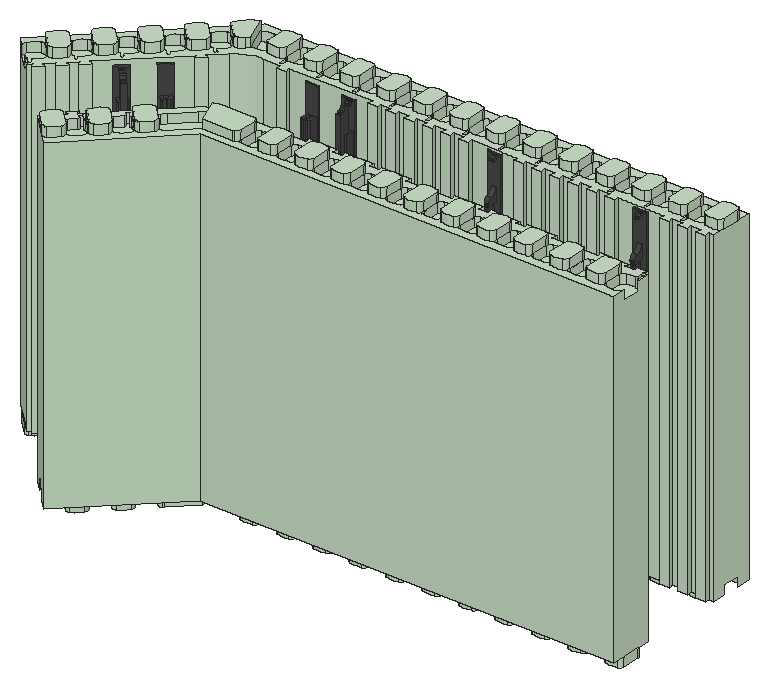
Revit family "ICF- NUDURA 4-inch- 45 Degree Form Unit- Imperial", category Generic Models, Revit 2011 (continued)
Forms (in)
  Extrusion 48, void
    sketch origin (16.41421, 1, 0) x (-0.707107, -0.707107, 0) y (0.707107, -0.707107, 0)
      loop
        arc (-1.33783, 8.60117) -> (-1.49058, 8.62552) -> (-1.62842, 8.55535) r 0.25
        line (-1.62842, 8.55535) -> (-2.27978, 7.90399)
        arc (-2.27978, 7.90399) -> (-2.34995, 7.76615) -> (-2.32559, 7.6134) r 0.25
        arc (-2.32559, 7.6134) -> (-2.18471, 7.40379) -> (-1.99833, 7.23335) r 1.0625
        arc (-1.99833, 7.23335) -> (-1.97244, 7.18765) -> (-1.99053, 7.13835) r 0.0625
        line (-1.99053, 7.13835) -> (-2.14723, 6.98165) -> (-2.02643, 6.86086) -> (-1.78171, 7.10558)
        arc (-1.78171, 7.10558) -> (-1.76253, 7.11866) -> (-1.7399, 7.12384) r 0.0625
        arc (-1.7399, 7.12384) -> (-1.64938, 7.14456) -> (-1.57267, 7.19688) r 0.25
        line (-1.57267, 7.19688) -> (-0.92131, 7.84824)
        arc (-0.92131, 7.84824) -> (-0.85114, 7.98608) -> (-0.87549, 8.13883) r 0.25
        arc (-0.87549, 8.13883) -> (-1.07021, 8.40645) -> (-1.33783, 8.60117) r 1.0625
    from 0 to 0.5
  Extrusion 49, void
    sketch origin (30.81623, -1, 0) x (0.707107, 0.707107, 0) y (-0.707107, 0.707107, 0)
      loop
        arc (-1.33783, 8.60117) -> (-1.49058, 8.62552) -> (-1.62842, 8.55535) r 0.25
        line (-1.62842, 8.55535) -> (-2.27978, 7.90399)
        arc (-2.27978, 7.90399) -> (-2.34995, 7.76615) -> (-2.32559, 7.6134) r 0.25
        arc (-2.32559, 7.6134) -> (-2.18471, 7.40379) -> (-1.99833, 7.23335) r 1.0625
        arc (-1.99833, 7.23335) -> (-1.97244, 7.18765) -> (-1.99053, 7.13835) r 0.0625
        line (-1.99053, 7.13835) -> (-2.14723, 6.98165) -> (-2.02643, 6.86086) -> (-1.78171, 7.10558)
        arc (-1.78171, 7.10558) -> (-1.76253, 7.11866) -> (-1.7399, 7.12384) r 0.0625
        arc (-1.7399, 7.12384) -> (-1.64938, 7.14456) -> (-1.57267, 7.19688) r 0.25
        line (-1.57267, 7.19688) -> (-0.92131, 7.84824)
        arc (-0.92131, 7.84824) -> (-0.85114, 7.98608) -> (-0.87549, 8.13883) r 0.25
        arc (-0.87549, 8.13883) -> (-1.07021, 8.40645) -> (-1.33783, 8.60117) r 1.0625
    from 0 to 0.5
  Extrusion 50, void
    sketch origin (28.81623, -1, 0) x (0.707107, 0.707107, 0) y (-0.707107, 0.707107, 0)
      loop
        arc (-1.33783, 8.60117) -> (-1.49058, 8.62552) -> (-1.62842, 8.55535) r 0.25
        line (-1.62842, 8.55535) -> (-2.27978, 7.90399)
        arc (-2.27978, 7.90399) -> (-2.34995, 7.76615) -> (-2.32559, 7.6134) r 0.25
        arc (-2.32559, 7.6134) -> (-2.18471, 7.40379) -> (-1.99833, 7.23335) r 1.0625
        arc (-1.99833, 7.23335) -> (-1.97244, 7.18765) -> (-1.99053, 7.13835) r 0.0625
        line (-1.99053, 7.13835) -> (-2.14723, 6.98165) -> (-2.02643, 6.86086) -> (-1.78171, 7.10558)
        arc (-1.78171, 7.10558) -> (-1.76253, 7.11866) -> (-1.7399, 7.12384) r 0.0625
        arc (-1.7399, 7.12384) -> (-1.64938, 7.14456) -> (-1.57267, 7.19688) r 0.25
        line (-1.57267, 7.19688) -> (-0.92131, 7.84824)
        arc (-0.92131, 7.84824) -> (-0.85114, 7.98608) -> (-0.87549, 8.13883) r 0.25
        arc (-0.87549, 8.13883) -> (-1.07021, 8.40645) -> (-1.33783, 8.60117) r 1.0625
    from 0 to 0.5
  Extrusion 51, void
    sketch origin (26.81623, -1, 0) x (0.707107, 0.707107, 0) y (-0.707107, 0.707107, 0)
      loop
        arc (-1.33783, 8.60117) -> (-1.49058, 8.62552) -> (-1.62842, 8.55535) r 0.25
        line (-1.62842, 8.55535) -> (-2.27978, 7.90399)
        arc (-2.27978, 7.90399) -> (-2.34995, 7.76615) -> (-2.32559, 7.6134) r 0.25
        arc (-2.32559, 7.6134) -> (-2.18471, 7.40379) -> (-1.99833, 7.23335) r 1.0625
        arc (-1.99833, 7.23335) -> (-1.97244, 7.18765) -> (-1.99053, 7.13835) r 0.0625
        line (-1.99053, 7.13835) -> (-2.14723, 6.98165) -> (-2.02643, 6.86086) -> (-1.78171, 7.10558)
        arc (-1.78171, 7.10558) -> (-1.76253, 7.11866) -> (-1.7399, 7.12384) r 0.0625
        arc (-1.7399, 7.12384) -> (-1.64938, 7.14456) -> (-1.57267, 7.19688) r 0.25
        line (-1.57267, 7.19688) -> (-0.92131, 7.84824)
        arc (-0.92131, 7.84824) -> (-0.85114, 7.98608) -> (-0.87549, 8.13883) r 0.25
        arc (-0.87549, 8.13883) -> (-1.07021, 8.40645) -> (-1.33783, 8.60117) r 1.0625
    from 0 to 0.5
  Extrusion 52, void
    sketch origin (24.81623, -1, 0) x (0.707107, 0.707107, 0) y (-0.707107, 0.707107, 0)
      loop
        arc (-1.33783, 8.60117) -> (-1.49058, 8.62552) -> (-1.62842, 8.55535) r 0.25
        line (-1.62842, 8.55535) -> (-2.27978, 7.90399)
        arc (-2.27978, 7.90399) -> (-2.34995, 7.76615) -> (-2.32559, 7.6134) r 0.25
        arc (-2.32559, 7.6134) -> (-2.18471, 7.40379) -> (-1.99833, 7.23335) r 1.0625
        arc (-1.99833, 7.23335) -> (-1.97244, 7.18765) -> (-1.99053, 7.13835) r 0.0625
        line (-1.99053, 7.13835) -> (-2.14723, 6.98165) -> (-2.02643, 6.86086) -> (-1.78171, 7.10558)
        arc (-1.78171, 7.10558) -> (-1.76253, 7.11866) -> (-1.7399, 7.12384) r 0.0625
        arc (-1.7399, 7.12384) -> (-1.64938, 7.14456) -> (-1.57267, 7.19688) r 0.25
        line (-1.57267, 7.19688) -> (-0.92131, 7.84824)
        arc (-0.92131, 7.84824) -> (-0.85114, 7.98608) -> (-0.87549, 8.13883) r 0.25
        arc (-0.87549, 8.13883) -> (-1.07021, 8.40645) -> (-1.33783, 8.60117) r 1.0625
    from 0 to 0.5
  Extrusion 53, void
    sketch origin (22.81623, -1, 0) x (0.707107, 0.707107, 0) y (-0.707107, 0.707107, 0)
      loop
        arc (-1.33783, 8.60117) -> (-1.49058, 8.62552) -> (-1.62842, 8.55535) r 0.25
        line (-1.62842, 8.55535) -> (-2.27978, 7.90399)
        arc (-2.27978, 7.90399) -> (-2.34995, 7.76615) -> (-2.32559, 7.6134) r 0.25
        arc (-2.32559, 7.6134) -> (-2.18471, 7.40379) -> (-1.99833, 7.23335) r 1.0625
        arc (-1.99833, 7.23335) -> (-1.97244, 7.18765) -> (-1.99053, 7.13835) r 0.0625
        line (-1.99053, 7.13835) -> (-2.14723, 6.98165) -> (-2.02643, 6.86086) -> (-1.78171, 7.10558)
        arc (-1.78171, 7.10558) -> (-1.76253, 7.11866) -> (-1.7399, 7.12384) r 0.0625
        arc (-1.7399, 7.12384) -> (-1.64938, 7.14456) -> (-1.57267, 7.19688) r 0.25
        line (-1.57267, 7.19688) -> (-0.92131, 7.84824)
        arc (-0.92131, 7.84824) -> (-0.85114, 7.98608) -> (-0.87549, 8.13883) r 0.25
        arc (-0.87549, 8.13883) -> (-1.07021, 8.40645) -> (-1.33783, 8.60117) r 1.0625
    from 0 to 0.5
  Extrusion 54, void
    sketch origin (20.81623, -1, 0) x (0.707107, 0.707107, 0) y (-0.707107, 0.707107, 0)
      loop
        arc (-1.33783, 8.60117) -> (-1.49058, 8.62552) -> (-1.62842, 8.55535) r 0.25
        line (-1.62842, 8.55535) -> (-2.27978, 7.90399)
        arc (-2.27978, 7.90399) -> (-2.34995, 7.76615) -> (-2.32559, 7.6134) r 0.25
        arc (-2.32559, 7.6134) -> (-2.18471, 7.40379) -> (-1.99833, 7.23335) r 1.0625
        arc (-1.99833, 7.23335) -> (-1.97244, 7.18765) -> (-1.99053, 7.13835) r 0.0625
        line (-1.99053, 7.13835) -> (-2.14723, 6.98165) -> (-2.02643, 6.86086) -> (-1.78171, 7.10558)
        arc (-1.78171, 7.10558) -> (-1.76253, 7.11866) -> (-1.7399, 7.12384) r 0.0625
        arc (-1.7399, 7.12384) -> (-1.64938, 7.14456) -> (-1.57267, 7.19688) r 0.25
        line (-1.57267, 7.19688) -> (-0.92131, 7.84824)
        arc (-0.92131, 7.84824) -> (-0.85114, 7.98608) -> (-0.87549, 8.13883) r 0.25
        arc (-0.87549, 8.13883) -> (-1.07021, 8.40645) -> (-1.33783, 8.60117) r 1.0625
    from 0 to 0.5
  Extrusion 55, void
    sketch origin (18.81623, -1, 0) x (0.707107, 0.707107, 0) y (-0.707107, 0.707107, 0)
      loop
        arc (-1.33783, 8.60117) -> (-1.49058, 8.62552) -> (-1.62842, 8.55535) r 0.25
        line (-1.62842, 8.55535) -> (-2.27978, 7.90399)
        arc (-2.27978, 7.90399) -> (-2.34995, 7.76615) -> (-2.32559, 7.6134) r 0.25
        arc (-2.32559, 7.6134) -> (-2.18471, 7.40379) -> (-1.99833, 7.23335) r 1.0625
        arc (-1.99833, 7.23335) -> (-1.97244, 7.18765) -> (-1.99053, 7.13835) r 0.0625
        line (-1.99053, 7.13835) -> (-2.14723, 6.98165) -> (-2.02643, 6.86086) -> (-1.78171, 7.10558)
        arc (-1.78171, 7.10558) -> (-1.76253, 7.11866) -> (-1.7399, 7.12384) r 0.0625
        arc (-1.7399, 7.12384) -> (-1.64938, 7.14456) -> (-1.57267, 7.19688) r 0.25
        line (-1.57267, 7.19688) -> (-0.92131, 7.84824)
        arc (-0.92131, 7.84824) -> (-0.85114, 7.98608) -> (-0.87549, 8.13883) r 0.25
        arc (-0.87549, 8.13883) -> (-1.07021, 8.40645) -> (-1.33783, 8.60117) r 1.0625
    from 0 to 0.5
  Extrusion 56, void
    sketch origin (16.81623, -1, 0) x (0.707107, 0.707107, 0) y (-0.707107, 0.707107, 0)
      loop
        arc (-1.33783, 8.60117) -> (-1.49058, 8.62552) -> (-1.62842, 8.55535) r 0.25
        line (-1.62842, 8.55535) -> (-2.27978, 7.90399)
        arc (-2.27978, 7.90399) -> (-2.34995, 7.76615) -> (-2.32559, 7.6134) r 0.25
        arc (-2.32559, 7.6134) -> (-2.18471, 7.40379) -> (-1.99833, 7.23335) r 1.0625
        arc (-1.99833, 7.23335) -> (-1.97244, 7.18765) -> (-1.99053, 7.13835) r 0.0625
        line (-1.99053, 7.13835) -> (-2.14723, 6.98165) -> (-2.02643, 6.86086) -> (-1.78171, 7.10558)
        arc (-1.78171, 7.10558) -> (-1.76253, 7.11866) -> (-1.7399, 7.12384) r 0.0625
        arc (-1.7399, 7.12384) -> (-1.64938, 7.14456) -> (-1.57267, 7.19688) r 0.25
        line (-1.57267, 7.19688) -> (-0.92131, 7.84824)
        arc (-0.92131, 7.84824) -> (-0.85114, 7.98608) -> (-0.87549, 8.13883) r 0.25
        arc (-0.87549, 8.13883) -> (-1.07021, 8.40645) -> (-1.33783, 8.60117) r 1.0625
    from 0 to 0.5
  Extrusion 57, void
    sketch origin (14.81623, -1, 0) x (0.707107, 0.707107, 0) y (-0.707107, 0.707107, 0)
      loop
        arc (-1.33783, 8.60117) -> (-1.49058, 8.62552) -> (-1.62842, 8.55535) r 0.25
        line (-1.62842, 8.55535) -> (-2.27978, 7.90399)
        arc (-2.27978, 7.90399) -> (-2.34995, 7.76615) -> (-2.32559, 7.6134) r 0.25
        arc (-2.32559, 7.6134) -> (-2.18471, 7.40379) -> (-1.99833, 7.23335) r 1.0625
        arc (-1.99833, 7.23335) -> (-1.97244, 7.18765) -> (-1.99053, 7.13835) r 0.0625
        line (-1.99053, 7.13835) -> (-2.14723, 6.98165) -> (-2.02643, 6.86086) -> (-1.78171, 7.10558)
        arc (-1.78171, 7.10558) -> (-1.76253, 7.11866) -> (-1.7399, 7.12384) r 0.0625
        arc (-1.7399, 7.12384) -> (-1.64938, 7.14456) -> (-1.57267, 7.19688) r 0.25
        line (-1.57267, 7.19688) -> (-0.92131, 7.84824)
        arc (-0.92131, 7.84824) -> (-0.85114, 7.98608) -> (-0.87549, 8.13883) r 0.25
        arc (-0.87549, 8.13883) -> (-1.07021, 8.40645) -> (-1.33783, 8.60117) r 1.0625
    from 0 to 0.5
  Extrusion 58, void
    sketch origin (12.81623, -1, 0) x (0.707107, 0.707107, 0) y (-0.707107, 0.707107, 0)
      loop
        arc (-1.33783, 8.60117) -> (-1.49058, 8.62552) -> (-1.62842, 8.55535) r 0.25
        line (-1.62842, 8.55535) -> (-2.27978, 7.90399)
        arc (-2.27978, 7.90399) -> (-2.34995, 7.76615) -> (-2.32559, 7.6134) r 0.25
        arc (-2.32559, 7.6134) -> (-2.18471, 7.40379) -> (-1.99833, 7.23335) r 1.0625
        arc (-1.99833, 7.23335) -> (-1.97244, 7.18765) -> (-1.99053, 7.13835) r 0.0625
        line (-1.99053, 7.13835) -> (-2.14723, 6.98165) -> (-2.02643, 6.86086) -> (-1.78171, 7.10558)
        arc (-1.78171, 7.10558) -> (-1.76253, 7.11866) -> (-1.7399, 7.12384) r 0.0625
        arc (-1.7399, 7.12384) -> (-1.64938, 7.14456) -> (-1.57267, 7.19688) r 0.25
        line (-1.57267, 7.19688) -> (-0.92131, 7.84824)
        arc (-0.92131, 7.84824) -> (-0.85114, 7.98608) -> (-0.87549, 8.13883) r 0.25
        arc (-0.87549, 8.13883) -> (-1.07021, 8.40645) -> (-1.33783, 8.60117) r 1.0625
    from 0 to 0.5
  Extrusion 59, void
    sketch origin (10.81623, -1, 0) x (0.707107, 0.707107, 0) y (-0.707107, 0.707107, 0)
      loop
        arc (-1.33783, 8.60117) -> (-1.49058, 8.62552) -> (-1.62842, 8.55535) r 0.25
        line (-1.62842, 8.55535) -> (-2.27978, 7.90399)
        arc (-2.27978, 7.90399) -> (-2.34995, 7.76615) -> (-2.32559, 7.6134) r 0.25
        arc (-2.32559, 7.6134) -> (-2.18471, 7.40379) -> (-1.99833, 7.23335) r 1.0625
        arc (-1.99833, 7.23335) -> (-1.97244, 7.18765) -> (-1.99053, 7.13835) r 0.0625
        line (-1.99053, 7.13835) -> (-2.14723, 6.98165) -> (-2.02643, 6.86086) -> (-1.78171, 7.10558)
        arc (-1.78171, 7.10558) -> (-1.76253, 7.11866) -> (-1.7399, 7.12384) r 0.0625
        arc (-1.7399, 7.12384) -> (-1.64938, 7.14456) -> (-1.57267, 7.19688) r 0.25
        line (-1.57267, 7.19688) -> (-0.92131, 7.84824)
        arc (-0.92131, 7.84824) -> (-0.85114, 7.98608) -> (-0.87549, 8.13883) r 0.25
        arc (-0.87549, 8.13883) -> (-1.07021, 8.40645) -> (-1.33783, 8.60117) r 1.0625
    from 0 to 0.5
  Extrusion 60, void
    sketch origin (8.81623, -1, 0) x (0.707107, 0.707107, 0) y (-0.707107, 0.707107, 0)
      loop
        arc (-1.33783, 8.60117) -> (-1.49058, 8.62552) -> (-1.62842, 8.55535) r 0.25
        line (-1.62842, 8.55535) -> (-2.27978, 7.90399)
        arc (-2.27978, 7.90399) -> (-2.34995, 7.76615) -> (-2.32559, 7.6134) r 0.25
        arc (-2.32559, 7.6134) -> (-2.18471, 7.40379) -> (-1.99833, 7.23335) r 1.0625
        arc (-1.99833, 7.23335) -> (-1.97244, 7.18765) -> (-1.99053, 7.13835) r 0.0625
        line (-1.99053, 7.13835) -> (-2.14723, 6.98165) -> (-2.02643, 6.86086) -> (-1.78171, 7.10558)
        arc (-1.78171, 7.10558) -> (-1.76253, 7.11866) -> (-1.7399, 7.12384) r 0.0625
        arc (-1.7399, 7.12384) -> (-1.64938, 7.14456) -> (-1.57267, 7.19688) r 0.25
        line (-1.57267, 7.19688) -> (-0.92131, 7.84824)
        arc (-0.92131, 7.84824) -> (-0.85114, 7.98608) -> (-0.87549, 8.13883) r 0.25
        arc (-0.87549, 8.13883) -> (-1.07021, 8.40645) -> (-1.33783, 8.60117) r 1.0625
    from 0 to 0.5
  Extrusion 61, void
    sketch origin (6.81623, -1, 0) x (0.707107, 0.707107, 0) y (-0.707107, 0.707107, 0)
      loop
        arc (-1.33783, 8.60117) -> (-1.49058, 8.62552) -> (-1.62842, 8.55535) r 0.25
        line (-1.62842, 8.55535) -> (-2.27978, 7.90399)
        arc (-2.27978, 7.90399) -> (-2.34995, 7.76615) -> (-2.32559, 7.6134) r 0.25
        arc (-2.32559, 7.6134) -> (-2.18471, 7.40379) -> (-1.99833, 7.23335) r 1.0625
        arc (-1.99833, 7.23335) -> (-1.97244, 7.18765) -> (-1.99053, 7.13835) r 0.0625
        line (-1.99053, 7.13835) -> (-2.14723, 6.98165) -> (-2.02643, 6.86086) -> (-1.78171, 7.10558)
        arc (-1.78171, 7.10558) -> (-1.76253, 7.11866) -> (-1.7399, 7.12384) r 0.0625
        arc (-1.7399, 7.12384) -> (-1.64938, 7.14456) -> (-1.57267, 7.19688) r 0.25
        line (-1.57267, 7.19688) -> (-0.92131, 7.84824)
        arc (-0.92131, 7.84824) -> (-0.85114, 7.98608) -> (-0.87549, 8.13883) r 0.25
        arc (-0.87549, 8.13883) -> (-1.07021, 8.40645) -> (-1.33783, 8.60117) r 1.0625
    from 0 to 0.5
  Extrusion 62, void
    sketch origin (4.65685, 3.24264, 0) x (0, 1, 0) y (-1, 0, 0)
      loop
        arc (-1.33783, 8.60117) -> (-1.49058, 8.62552) -> (-1.62842, 8.55535) r 0.25
        line (-1.62842, 8.55535) -> (-2.27978, 7.90399)
        arc (-2.27978, 7.90399) -> (-2.34995, 7.76615) -> (-2.32559, 7.6134) r 0.25
        arc (-2.32559, 7.6134) -> (-2.18471, 7.40379) -> (-1.99833, 7.23335) r 1.0625
        arc (-1.99833, 7.23335) -> (-1.97244, 7.18765) -> (-1.99053, 7.13835) r 0.0625
        line (-1.99053, 7.13835) -> (-2.14723, 6.98165) -> (-2.02643, 6.86086) -> (-1.78171, 7.10558)
        arc (-1.78171, 7.10558) -> (-1.76253, 7.11866) -> (-1.7399, 7.12384) r 0.0625
        arc (-1.7399, 7.12384) -> (-1.64938, 7.14456) -> (-1.57267, 7.19688) r 0.25
        line (-1.57267, 7.19688) -> (-0.92131, 7.84824)
        arc (-0.92131, 7.84824) -> (-0.85114, 7.98608) -> (-0.87549, 8.13883) r 0.25
        arc (-0.87549, 8.13883) -> (-1.07021, 8.40645) -> (-1.33783, 8.60117) r 1.0625
    from 0 to 0.5
  Extrusion 63, void
    sketch origin (3.24264, 1.82843, 0) x (0, 1, 0) y (-1, 0, 0)
      loop
        arc (-1.33783, 8.60117) -> (-1.49058, 8.62552) -> (-1.62842, 8.55535) r 0.25
        line (-1.62842, 8.55535) -> (-2.27978, 7.90399)
        arc (-2.27978, 7.90399) -> (-2.34995, 7.76615) -> (-2.32559, 7.6134) r 0.25
        arc (-2.32559, 7.6134) -> (-2.18471, 7.40379) -> (-1.99833, 7.23335) r 1.0625
        arc (-1.99833, 7.23335) -> (-1.97244, 7.18765) -> (-1.99053, 7.13835) r 0.0625
        line (-1.99053, 7.13835) -> (-2.14723, 6.98165) -> (-2.02643, 6.86086) -> (-1.78171, 7.10558)
        arc (-1.78171, 7.10558) -> (-1.76253, 7.11866) -> (-1.7399, 7.12384) r 0.0625
        arc (-1.7399, 7.12384) -> (-1.64938, 7.14456) -> (-1.57267, 7.19688) r 0.25
        line (-1.57267, 7.19688) -> (-0.92131, 7.84824)
        arc (-0.92131, 7.84824) -> (-0.85114, 7.98608) -> (-0.87549, 8.13883) r 0.25
        arc (-0.87549, 8.13883) -> (-1.07021, 8.40645) -> (-1.33783, 8.60117) r 1.0625
    from 0 to 0.5
  Extrusion 64, void
    sketch origin (1.82843, 0.41421, 0) x (0, 1, 0) y (-1, 0, 0)
      loop
        arc (-1.33783, 8.60117) -> (-1.49058, 8.62552) -> (-1.62842, 8.55535) r 0.25
        line (-1.62842, 8.55535) -> (-2.27978, 7.90399)
        arc (-2.27978, 7.90399) -> (-2.34995, 7.76615) -> (-2.32559, 7.6134) r 0.25
        arc (-2.32559, 7.6134) -> (-2.18471, 7.40379) -> (-1.99833, 7.23335) r 1.0625
        arc (-1.99833, 7.23335) -> (-1.97244, 7.18765) -> (-1.99053, 7.13835) r 0.0625
        line (-1.99053, 7.13835) -> (-2.14723, 6.98165) -> (-2.02643, 6.86086) -> (-1.78171, 7.10558)
        arc (-1.78171, 7.10558) -> (-1.76253, 7.11866) -> (-1.7399, 7.12384) r 0.0625
        arc (-1.7399, 7.12384) -> (-1.64938, 7.14456) -> (-1.57267, 7.19688) r 0.25
        line (-1.57267, 7.19688) -> (-0.92131, 7.84824)
        arc (-0.92131, 7.84824) -> (-0.85114, 7.98608) -> (-0.87549, 8.13883) r 0.25
        arc (-0.87549, 8.13883) -> (-1.07021, 8.40645) -> (-1.33783, 8.60117) r 1.0625
    from 0 to 0.5
  Extrusion 65, void
    sketch origin (0.41421, -1, 0) x (0, 1, 0) y (-1, 0, 0)
      loop
        arc (-1.33783, 8.60117) -> (-1.49058, 8.62552) -> (-1.62842, 8.55535) r 0.25
        line (-1.62842, 8.55535) -> (-2.27978, 7.90399)
        arc (-2.27978, 7.90399) -> (-2.34995, 7.76615) -> (-2.32559, 7.6134) r 0.25
        arc (-2.32559, 7.6134) -> (-2.18471, 7.40379) -> (-1.99833, 7.23335) r 1.0625
        arc (-1.99833, 7.23335) -> (-1.97244, 7.18765) -> (-1.99053, 7.13835) r 0.0625
        line (-1.99053, 7.13835) -> (-2.14723, 6.98165) -> (-2.02643, 6.86086) -> (-1.78171, 7.10558)
        arc (-1.78171, 7.10558) -> (-1.76253, 7.11866) -> (-1.7399, 7.12384) r 0.0625
        arc (-1.7399, 7.12384) -> (-1.64938, 7.14456) -> (-1.57267, 7.19688) r 0.25
        line (-1.57267, 7.19688) -> (-0.92131, 7.84824)
        arc (-0.92131, 7.84824) -> (-0.85114, 7.98608) -> (-0.87549, 8.13883) r 0.25
        arc (-0.87549, 8.13883) -> (-1.07021, 8.40645) -> (-1.33783, 8.60117) r 1.0625
    from 0 to 0.5
  Extrusion 66, void
    sketch origin (-24.48428, -23.75048, 0) x (1, 0, 0) y (0, 1, 0)
      loop
        arc (24.18183, 19.64734) -> (24.07398, 19.52115) -> (23.98711, 19.37972) r 1.0625
        arc (23.98711, 19.37972) -> (23.96275, 19.22697) -> (24.03293, 19.08913) r 0.25
        line (24.03293, 19.08913) -> (24.68429, 18.43777)
        arc (24.68429, 18.43777) -> (24.82213, 18.3676) -> (24.97487, 18.39195) r 0.25
        arc (24.97487, 18.39195) -> (25.00448, 18.40769) -> (25.03358, 18.42435) r 1.0625
        line (25.03358, 18.42435) -> (26.20515, 19.59592) -> (25.64674, 20.94404)
        arc (25.64674, 20.94404) -> (25.3766, 20.79965) -> (25.13983, 20.60533) r 1.5625
        line (25.13983, 20.60533) -> (24.18183, 19.64734)
    from 18 to 17.5
  Extrusion 67, void
    sketch origin (34.10712, 0.51887, 0) x (-0.707107, -0.707107, 0) y (0.707107, -0.707107, 0)
      loop
        line (24.18183, -19.64734) -> (25.13983, -20.60533)
        arc (25.13983, -20.60533) -> (25.3766, -20.79965) -> (25.64674, -20.94404) r 1.5625
        line (25.64674, -20.94404) -> (26.20515, -19.59592) -> (25.03358, -18.42435)
        arc (25.03358, -18.42435) -> (25.00448, -18.40769) -> (24.97487, -18.39195) r 1.0625
        arc (24.97487, -18.39195) -> (24.82213, -18.3676) -> (24.68429, -18.43777) r 0.25
        line (24.68429, -18.43777) -> (24.03293, -19.08913)
        arc (24.03293, -19.08913) -> (23.96275, -19.22697) -> (23.98711, -19.37972) r 0.25
        arc (23.98711, -19.37972) -> (24.07398, -19.52115) -> (24.18183, -19.64734) r 1.0625
    from 0 to 0.5
  Extrusion 68, solid, material "NUDURA Expanded Polystyrene Foam Insulation"
    sketch origin (-24.48428, -23.75048, 0) x (1, 0, 0) y (0, 1, 0)
      loop
        arc (27.86201, 19.59592) -> (27.89436, 19.60471) -> (27.92642, 19.61453) r 1.0625
        arc (27.92642, 19.61453) -> (28.05165, 19.70531) -> (28.0995, 19.8524) r 0.25
        line (28.0995, 19.8524) -> (28.0995, 20.77356)
        arc (28.0995, 20.77356) -> (28.05165, 20.92065) -> (27.92642, 21.01143) r 0.25
        arc (27.92642, 21.01143) -> (27.76498, 21.05001) -> (27.5995, 21.06298) r 1.0625
        line (27.5995, 21.06298) -> (26.24468, 21.06298)
        arc (26.24468, 21.06298) -> (25.93985, 21.03296) -> (25.64674, 20.94404) r 1.5625
        line (25.64674, 20.94404) -> (26.20515, 19.59592) -> (27.86201, 19.59592)
    from 18 to 18.5
  Extrusion 69, solid, material "NUDURA Expanded Polystyrene Foam Insulation"
    sketch origin (34.10712, 0.51887, 0) x (-0.707107, -0.707107, 0) y (0.707107, -0.707107, 0)
      loop
        line (27.86201, -19.59592) -> (26.20515, -19.59592) -> (25.64674, -20.94404)
        arc (25.64674, -20.94404) -> (25.93985, -21.03296) -> (26.24468, -21.06298) r 1.5625
        line (26.24468, -21.06298) -> (27.5995, -21.06298)
        arc (27.5995, -21.06298) -> (27.76498, -21.05001) -> (27.92642, -21.01143) r 1.0625
        arc (27.92642, -21.01143) -> (28.05165, -20.92065) -> (28.0995, -20.77356) r 0.25
        line (28.0995, -20.77356) -> (28.0995, -19.8524)
        arc (28.0995, -19.8524) -> (28.05165, -19.70531) -> (27.92642, -19.61453) r 0.25
        arc (27.92642, -19.61453) -> (27.89436, -19.60471) -> (27.86201, -19.59592) r 1.0625
    from 0 to -0.5
Cuts and joins
  Extrusion 4, Extrusion 5, Extrusion 6, Extrusion 7, Extrusion 8, Extrusion 9, Extrusion 10, Extrusion 11, Extrusion 12, Extrusion 13, Extrusion 14, Extrusion 15, Extrusion 16, Extrusion 17, Extrusion 18, Extrusion 19, Extrusion 20, Extrusion 21, Extrusion 22, Extrusion 23, Extrusion 24, Extrusion 25, Extrusion 26, Extrusion 27, Extrusion 28, Extrusion 29, Extrusion 30, Extrusion 31, Extrusion 32, Extrusion 33, Extrusion 34, Extrusion 35, Extrusion 36, Extrusion 37, Extrusion 38, Extrusion 39, Extrusion 40, Extrusion 41, Extrusion 42, Extrusion 43, Extrusion 44, Extrusion 45, Extrusion 46, Extrusion 47, Extrusion 48, Extrusion 49, Extrusion 50, Extrusion 51, Extrusion 52, Extrusion 53, Extrusion 54, Extrusion 55, Extrusion 56, Extrusion 57, Extrusion 58, Extrusion 59, Extrusion 60, Extrusion 61, Extrusion 62, Extrusion 63, Extrusion 64, Extrusion 65, Extrusion 66, Extrusion 67 cuts Extrusion 1
  Extrusion 33, Extrusion 34 cuts Extrusion 2
  Extrusion 35, Extrusion 61, Extrusion 62 cuts Extrusion 3
Lines and regions (in)
  model lines
    curve 1: line (8.62138, 4.625, 18) -> (8.62138, 4.625, 0)
    curve 2: line (6.62138, 4.625, 18) -> (6.62138, 4.625, 0)
    curve 3: line (-7.94804, -1.4073, 0) -> (-7.94804, -1.4073, 18)
Dimensions and locks (in)
  locked: plane 5 to plane 4 at 4
  locked: plane 8 to plane 6 at 4
  locked: level to plane 9 at 18
  aligned and locked: plane 9 to Extrusion 1
  aligned and locked: Extrusion 1 to plane 9  (x3)
  aligned and locked: Extrusion 1 to level
  aligned and locked: plane 2 to level
  aligned and locked: level to Extrusion 1  (x2)
  aligned and locked: nested 67 to cut or joined group 1 (Extrusion 1, Extrusion 4, Extrusion 5, Extrusion 6, Extrusion 7, Extrusion 8, Extrusion 9, Extrusion 10, Extrusion 11, Extrusion 12, Extrusion 13, Extrusion 14, Extrusion 15, Extrusion 16, Extrusion 17, Extrusion 18, Extrusion 19, Extrusion 20, Extrusion 21, Extrusion 22, Extrusion 23, Extrusion 24, Extrusion 25, Extrusion 26, Extrusion 27, Extrusion 28, Extrusion 29, Extrusion 30, Extrusion 31, Extrusion 32, Extrusion 33, Extrusion 34, Extrusion 35, Extrusion 36, Extrusion 37, Extrusion 38, Extrusion 39, Extrusion 40, Extrusion 41, Extrusion 42, Extrusion 43, Extrusion 44, Extrusion 45, Extrusion 46, Extrusion 47, Extrusion 48, Extrusion 49, Extrusion 50, Extrusion 51, Extrusion 52, Extrusion 53, Extrusion 54, Extrusion 55, Extrusion 56, Extrusion 57, Extrusion 58, Extrusion 59, Extrusion 60, Extrusion 61, Extrusion 62, Extrusion 63, Extrusion 64, Extrusion 65, Extrusion 66, Extrusion 67)
  aligned and locked: cut or joined group 1 to nested 72
  aligned and locked: cut or joined group 1 to nested 73
  aligned and locked: cut or joined group 1 to nested 74
  aligned and locked: nested 75 to cut or joined group 1
  aligned and locked: nested 76 to cut or joined group 1
Nested families (in)
  nested 1: "Interlock Tooth" at (22.61522, 1, 0), type "Interlock Tooth"
  nested 2: "Interlock Tooth" at (20.61522, 1, 0), type "Interlock Tooth"
  nested 3: "Interlock Tooth" at (18.61522, 1, 0), type "Interlock Tooth"
  nested 4: "Interlock Tooth" at (16.61522, 1, 0), type "Interlock Tooth"
  nested 5: "Interlock Tooth" at (14.61522, 1, 0), type "Interlock Tooth"
  nested 6: "Interlock Tooth" at (12.61522, 1, 0), type "Interlock Tooth"
  nested 7: "Interlock Tooth" at (10.61522, 1, 0), type "Interlock Tooth"
  nested 8: "Interlock Tooth" at (8.61522, 1, 0), type "Interlock Tooth"
  nested 9: "Interlock Tooth" at (6.61522, 1, 0), type "Interlock Tooth"
  nested 10: "Interlock Tooth" at (4.61522, 1, 0), type "Interlock Tooth"
  nested 11: "Interlock Tooth" at (-3.97056, -2.55635, 0) x (0.7071, 0.7071, 0) z (0, 0, 1), type "Interlock Tooth"
  nested 12: "Interlock Tooth" at (-5.38478, -3.97056, 0) x (0.7071, 0.7071, 0) z (0, 0, 1), type "Interlock Tooth"
  nested 13: "Interlock Tooth" at (-6.79899, -5.38478, 0) x (0.7071, 0.7071, 0) z (0, 0, 1), type "Interlock Tooth"
  nested 14: "Interlock Tooth" at (23.61522, -1, 0), type "Interlock Tooth"
  nested 15: "Interlock Tooth" at (21.61522, -1, 0), type "Interlock Tooth"
  nested 16: "Interlock Tooth" at (19.61522, -1, 0), type "Interlock Tooth"
  nested 17: "Interlock Tooth" at (17.61522, -1, 0), type "Interlock Tooth"
  nested 18: "Interlock Tooth" at (15.61522, -1, 0), type "Interlock Tooth"
  nested 19: "Interlock Tooth" at (13.61522, -1, 0), type "Interlock Tooth"
  nested 20: "Interlock Tooth" at (11.61522, -1, 0), type "Interlock Tooth"
  nested 21: "Interlock Tooth" at (9.61522, -1, 0), type "Interlock Tooth"
  nested 22: "Interlock Tooth" at (7.61522, -1, 0), type "Interlock Tooth"
  nested 23: "Interlock Tooth" at (5.61522, -1, 0), type "Interlock Tooth"
  nested 24: "Interlock Tooth" at (3.61522, -1, 0), type "Interlock Tooth"
  nested 25: "Interlock Tooth" at (1.61522, -1, 0), type "Interlock Tooth"
  nested 26: "Interlock Tooth" at (-0.38478, -1, 0), type "Interlock Tooth"
  nested 27: "Interlock Tooth" at (-0.43503, -1.84924, 0) x (0.7071, 0.7071, 0) z (0, 0, 1), type "Interlock Tooth"
  nested 28: "Interlock Tooth" at (-1.84924, -3.26346, 0) x (0.7071, 0.7071, 0) z (0, 0, 1), type "Interlock Tooth"
  nested 29: "Interlock Tooth" at (-3.26346, -4.67767, 0) x (0.7071, 0.7071, 0) z (0, 0, 1), type "Interlock Tooth"
  nested 30: "Interlock Tooth" at (-4.67767, -6.09188, 0) x (0.7071, 0.7071, 0) z (0, 0, 1), type "Interlock Tooth"
  nested 31: "Interlock Tooth" at (-6.09188, -4.67767, -18.5) x (0.7071, 0.7071, 0) z (0, 0, 1), type "Interlock Tooth"
  nested 32: "Interlock Tooth" at (-4.67767, -3.26346, -18.5) x (0.7071, 0.7071, 0) z (0, 0, 1), type "Interlock Tooth"
  nested 33: "Interlock Tooth" at (-11.66035, -0.52342, -18.5) x (0.7071, 0.7071, 0) z (0, 0, 1), type "Interlock Tooth"
  nested 34: "Interlock Tooth" at (-10.24614, 0.8908, -18.5) x (0.7071, 0.7071, 0) z (0, 0, 1), type "Interlock Tooth"
  nested 35: "Interlock Tooth" at (-8.83192, 2.30501, -18.5) x (0.7071, 0.7071, 0) z (0, 0, 1), type "Interlock Tooth"
  nested 36: "Interlock Tooth" at (-7.41771, 3.71922, -18.5) x (0.7071, 0.7071, 0) z (0, 0, 1), type "Interlock Tooth"
  nested 37: "Interlock Tooth" at (-6.00349, 5.13344, -18.5) x (0.7071, 0.7071, 0) z (0, 0, 1), type "Interlock Tooth"
  nested 38: "Interlock Tooth" at (1.61522, -1, -18.5) x (-1, 0, 0) z (0, 0, 1), type "Interlock Tooth"
  nested 39: "Interlock Tooth" at (3.61522, -1, -18.5) x (-1, 0, 0) z (0, 0, 1), type "Interlock Tooth"
  nested 40: "Interlock Tooth" at (5.61522, -1, -18.5) x (-1, 0, 0) z (0, 0, 1), type "Interlock Tooth"
  nested 41: "Interlock Tooth" at (7.61522, -1, -18.5) x (-1, 0, 0) z (0, 0, 1), type "Interlock Tooth"
  nested 42: "Interlock Tooth" at (9.61522, -1, -18.5) x (-1, 0, 0) z (0, 0, 1), type "Interlock Tooth"
  nested 43: "Interlock Tooth" at (11.61522, -1, -18.5) x (-1, 0, 0) z (0, 0, 1), type "Interlock Tooth"
  nested 44: "Interlock Tooth" at (13.61522, -1, -18.5) x (-1, 0, 0) z (0, 0, 1), type "Interlock Tooth"
  nested 45: "Interlock Tooth" at (15.61522, -1, -18.5) x (-1, 0, 0) z (0, 0, 1), type "Interlock Tooth"
  nested 46: "Interlock Tooth" at (17.61522, -1, -18.5) x (-1, 0, 0) z (0, 0, 1), type "Interlock Tooth"
  nested 47: "Interlock Tooth" at (19.61522, -1, -18.5) x (-1, 0, 0) z (0, 0, 1), type "Interlock Tooth"
  nested 48: "Interlock Tooth" at (21.61522, -1, -18.5) x (-1, 0, 0) z (0, 0, 1), type "Interlock Tooth"
  nested 49: "Interlock Tooth" at (23.61522, -1, -18.5) x (-1, 0, 0) z (0, 0, 1), type "Interlock Tooth"
  nested 50: "Interlock Tooth" at (24.61522, 1, -18.5) x (-1, 0, 0) z (0, 0, 1), type "Interlock Tooth"
  nested 51: "Interlock Tooth" at (22.61522, 1, -18.5) x (-1, 0, 0) z (0, 0, 1), type "Interlock Tooth"
  nested 52: "Interlock Tooth" at (20.61522, 1, -18.5) x (-1, 0, 0) z (0, 0, 1), type "Interlock Tooth"
  nested 53: "Interlock Tooth" at (18.61522, 1, -18.5) x (-1, 0, 0) z (0, 0, 1), type "Interlock Tooth"
  nested 54: "Interlock Tooth" at (16.61522, 1, -18.5) x (-1, 0, 0) z (0, 0, 1), type "Interlock Tooth"
  nested 55: "Interlock Tooth" at (14.61522, 1, -18.5) x (-1, 0, 0) z (0, 0, 1), type "Interlock Tooth"
  nested 56: "Interlock Tooth" at (12.61522, 1, -18.5) x (-1, 0, 0) z (0, 0, 1), type "Interlock Tooth"
  nested 57: "Interlock Tooth" at (10.61522, 1, -18.5) x (-1, 0, 0) z (0, 0, 1), type "Interlock Tooth"
  nested 58: "Interlock Tooth" at (8.61522, 1, -18.5) x (-1, 0, 0) z (0, 0, 1), type "Interlock Tooth"
  nested 59: "Interlock Tooth" at (6.61522, 1, -18.5) x (-1, 0, 0) z (0, 0, 1), type "Interlock Tooth"
  nested 60: "Interlock Tooth" at (4.61522, 1, -18.5) x (-1, 0, 0) z (0, 0, 1), type "Interlock Tooth"
  nested 61: "Capture Lugs" at (2.61522, -1, 0) x (-1, 0, 0) z (0, 0, 1), type "Capture Lugs"
  nested 62: "Capture Lugs" at (-1.14214, -2.55635, 0) x (-0.7071, -0.7071, 0) z (0, 0, 1), type "Capture Lugs"
  nested 63: "NUDURA Diamond Pattern" at (16.62138, 1, 0), type "NUDURA Diamond Pattern"
  nested 64: "NUDURA Diamond Pattern" at (0.62138, 1, 0), type "NUDURA Diamond Pattern"
  nested 65: "NUDURA Diamond Pattern" at (16.62138, -1, 0), type "NUDURA Diamond Pattern"
  nested 66: "NUDURA Diamond Pattern" at (8.62138, -1, 0), type "NUDURA Diamond Pattern"
  nested 67: "NUDURA Logo Diamond" at (0.20973, -4.625, 0), type "NUDURA Logo Diamond"
  nested 68: "4-inch Web" at (20.61522, 0, 0), type "4-inch Web"
  nested 69: "4-inch Web" at (12.61522, 0, 0), type "4-inch Web"
  nested 70: "4-inch Insert Web" at (4.61522, 0, 0), type "4-inch Insert Web"
  nested 71: "4-inch Insert Web" at (-3.19302, -3.19302, 0) x (0.7071, 0.7071, 0) z (0, 0, 1), type "4-inch Insert Web"
  nested 72: "NUDURA Diamond Pattern" at (6.81282, -7.68287, 0) x (-0.7071, -0.7071, 0) z (0, 0, 1), type "NUDURA Diamond Pattern"
  nested 73: "NUDURA Diamond Pattern Missing Two Lines" at (-1.38478, 10.25, 0), type "NUDURA Diamond Pattern minus Two lines"
  nested 74: "NUDURA Logo Diamond with No Outside Lines" at (16.64688, 4.625, 0) x (-1, 0, 0) z (0, 0, 1), type "NUDURA Logo Diamond with No Outside Lines"
  nested 75: "NUDURA Logo Diamond with No Outside Lines" at (1.94964, 8.49038, 0) x (-0.7071, -0.7071, 0) z (0, 0, 1), type "NUDURA Logo Diamond with No Outside Lines"
  nested 76: "NUDURA Diamond Pattern Missing Two Lines" at (1.6461, 0.23189, 0) x (-0.7071, -0.7071, 0) z (0, 0, 1), type "NUDURA Diamond Pattern minus Two lines"
Definition of nested family "Interlock Tooth"
  Reference planes (in)
    plane 1 "Center (Front/Back)": y = 0
    plane 2: z = 0
    plane 3 "Center (Left/Right)": x = 0
    plane 4: z = 18
    plane 5: z = 18.5
    plane 6: z = -0.5
  Forms (in)
    Extrusion 1, solid, material "NUDURA Expanded Polystyrene Foam Insulation"
      sketch origin (0, -8.875, 0) x (1, 0, 0) y (0, 1, 0)
        loop
          arc (0, 3.97692) -> (0.04785, 3.82983) -> (0.17308, 3.73905) r 0.25
          arc (0.17308, 3.73905) -> (0.5, 3.6875) -> (0.82692, 3.73905) r 1.0625
          arc (0.82692, 3.73905) -> (0.95215, 3.82983) -> (1, 3.97692) r 0.25
          line (1, 3.97692) -> (1, 4.89808)
          arc (1, 4.89808) -> (0.95215, 5.04517) -> (0.82692, 5.13595) r 0.25
          arc (0.82692, 5.13595) -> (0.5, 5.1875) -> (0.17308, 5.13595) r 1.0625
          arc (0.17308, 5.13595) -> (0.04785, 5.04517) -> (0, 4.89808) r 0.25
          line (0, 4.89808) -> (0, 3.97692)
      from 18 to 18.5
  Dimensions and locks (in)
    locked: plane 4 to level at 18
    locked: plane 4 to plane 5 at 0.5
    locked: plane 6 to level at 0.5
Definition of nested family "Capture Lugs"
  Reference planes (in)
    plane 1 "Center (Front/Back)": y = 0
    plane 2: z = 0
    plane 3 "Center (Left/Right)": x = 0
  Forms (in)
    Extrusion 1, solid, material "High Density Polystyrene"
      sketch origin (0, 0, 0) x (0, 1, 0) y (0, 0, 1)
        loop
          arc (-3.25, 0) -> (-3.22112, 0.01975) -> (-3.21, 0.05292) r 0.055
          line (-3.21, 0.05292) -> (-3.21, 17.69292)
          arc (-3.21, 17.69292) -> (-3.22112, 17.72608) -> (-3.25, 17.74583) r 0.055
          line (-3.25, 17.74583) -> (-3.25, 0)
      from 0.36328 to -0.36328
    Extrusion 2, solid, material "High Density Polystyrene"
      sketch origin (0, 0, 0) x (0, 1, 0) y (0, 0, 1)
        loop
          line (-3.21, 16.17792) -> (-3.21, 14.97792) -> (-2.71, 14.97792) -> (-2.71, 16.17792) -> (-3.21, 16.17792)
        loop
          line (-3.21, 14.22792) -> (-3.21, 13.02792) -> (-2.71, 13.02792) -> (-2.71, 14.22792) -> (-3.21, 14.22792)
        loop
          line (-3.21, 12.27792) -> (-3.21, 11.07792) -> (-2.71, 11.07792) -> (-2.71, 12.27792) -> (-3.21, 12.27792)
        loop
          line (-3.21, 10.32792) -> (-3.21, 9.24792) -> (-2.71, 9.24792) -> (-2.71, 10.32792) -> (-3.21, 10.32792)
        loop
          line (-3.21, 8.49792) -> (-3.21, 7.41792) -> (-2.71, 7.41792) -> (-2.71, 8.49792) -> (-3.21, 8.49792)
        loop
          line (-3.21, 6.66792) -> (-3.21, 5.46792) -> (-2.71, 5.46792) -> (-2.71, 6.66792) -> (-3.21, 6.66792)
        loop
          line (-3.21, 4.71792) -> (-3.21, 3.51792) -> (-2.71, 3.51792) -> (-2.71, 4.71792) -> (-3.21, 4.71792)
        loop
          line (-3.21, 2.76792) -> (-3.21, 1.56792) -> (-2.71, 1.56792) -> (-2.71, 2.76792) -> (-3.21, 2.76792)
      from 0.25 to -0.25
    Extrusion 3, void
      sketch origin (0, 0, 0) x (1, 0, 0) y (0, 1, 0)
        loop
          arc (-0.25, -2.79249) -> (-0.22584, -2.73416) -> (-0.1675, -2.71) r 0.0825
          line (-0.1675, -2.71) -> (-0.25, -2.71) -> (-0.25, -2.79249)
      from 0 to 18
    Extrusion 4, void
      sketch origin (0, 0, 0) x (-1, 0, 0) y (0, -1, 0)
        loop
          line (-0.25, 2.79249) -> (-0.25, 2.71) -> (-0.1675, 2.71)
          arc (-0.1675, 2.71) -> (-0.22584, 2.73416) -> (-0.25, 2.79249) r 0.0825
      from 0 to 18
    Extrusion 5, void
      sketch origin (0, 0, 0) x (1, 0, 0) y (0, 1, 0)
        loop
          arc (-0.04687, -2.835) -> (0, -3.07587) -> (0.04688, -2.835) r 0.125
          line (0.04688, -2.835) -> (0.04688, -2.71) -> (-0.04687, -2.71) -> (-0.04687, -2.835)
      from 0 to 18
  Cuts and joins
    Extrusion 3, Extrusion 4 cuts Extrusion 1
    Extrusion 3, Extrusion 4, Extrusion 5 cuts Extrusion 2
Definition of nested family "4-inch Web"
  Reference planes (in)
    plane 1 "Center (Front/Back)": y = 0
    plane 2: z = 0
    plane 3 "Center (Left/Right)": x = 0
  Forms (in)
    Extrusion 1, solid, material "Polypropylene"
      sketch origin (0, -2, -0.5) x (0, 1, 0) y (0, 0, 1)
        loop
          arc (4.185, 0.98503) -> (4.17874, 0.9705) -> (4.16389, 0.96506) r 0.02
          line (4.16389, 0.96506) -> (4.00611, 0.97383)
          arc (4.00611, 0.97383) -> (3.99126, 0.96839) -> (3.985, 0.95386) r 0.02
          line (3.985, 0.95386) -> (3.985, 0.88265)
          arc (3.985, 0.88265) -> (3.98914, 0.86744) -> (4.00043, 0.85643) r 0.03
          line (4.00043, 0.85643) -> (4.16957, 0.76246)
          arc (4.16957, 0.76246) -> (4.18086, 0.75145) -> (4.185, 0.73624) r 0.03
          line (4.185, 0.73624) -> (4.185, 0.98503)
        loop
          line (-0.185, 0.98503) -> (-0.185, 0.73624)
          arc (-0.185, 0.73624) -> (-0.18086, 0.75145) -> (-0.16957, 0.76246) r 0.03
          line (-0.16957, 0.76246) -> (-0.00043, 0.85643)
          arc (-0.00043, 0.85643) -> (0.01086, 0.86744) -> (0.015, 0.88265) r 0.03
          line (0.015, 0.88265) -> (0.015, 0.95386)
          arc (0.015, 0.95386) -> (0.00874, 0.96839) -> (-0.00611, 0.97383) r 0.02
          line (-0.00611, 0.97383) -> (-0.16389, 0.96506)
          arc (-0.16389, 0.96506) -> (-0.17874, 0.9705) -> (-0.185, 0.98503) r 0.02
        loop
          line (3.995, 15.39617) -> (3.995, 15.89614) -> (3.89, 15.89614) -> (3.89, 15.96617) -> (4.15332, 15.96617)
          arc (4.15332, 15.96617) -> (4.16974, 15.96398) -> (4.185, 15.95755) r 0.0625
          line (4.185, 15.95755) -> (4.185, 16.73277)
          arc (4.185, 16.73277) -> (4.07682, 16.48647) -> (3.85666, 16.33188) r 0.5
          arc (3.85666, 16.33188) -> (3.73587, 16.24051) -> (3.69, 16.09617) r 0.25
          line (3.69, 16.09617) -> (3.69, 16.02867)
          arc (3.69, 16.02867) -> (3.7083, 15.98448) -> (3.7525, 15.96617) r 0.0625
          line (3.7525, 15.96617) -> (3.8, 15.96617) -> (3.8, 15.89614) -> (3.69446, 15.89614)
          arc (3.69446, 15.89614) -> (3.49353, 15.90523) -> (3.29847, 15.95435) r 1
          arc (3.29847, 15.95435) -> (3.20889, 15.93583) -> (3.18179, 15.84845) r 0.09
          arc (3.18179, 15.84845) -> (2.74446, 15.50749) -> (2.77171, 16.06136) r 0.305
          arc (2.77171, 16.06136) -> (2.89426, 16.34734) -> (2.60829, 16.46988) r 0.22
          arc (2.60829, 16.46988) -> (2.36995, 16.31647) -> (2.20617, 16.08513) r 0.745
          arc (2.20617, 16.08513) -> (2.12274, 15.98757) -> (2, 15.94992) r 0.23
          arc (2, 15.94992) -> (1.87726, 15.98757) -> (1.79383, 16.08513) r 0.23
          arc (1.79383, 16.08513) -> (1.63005, 16.31647) -> (1.39171, 16.46988) r 0.745
          arc (1.39171, 16.46988) -> (1.10574, 16.34734) -> (1.22829, 16.06136) r 0.22
          arc (1.22829, 16.06136) -> (1.25554, 15.50749) -> (0.81821, 15.84845) r 0.305
          arc (0.81821, 15.84845) -> (0.79111, 15.93583) -> (0.70153, 15.95435) r 0.09
          arc (0.70153, 15.95435) -> (0.50647, 15.90523) -> (0.30554, 15.89614) r 1
          line (0.30554, 15.89614) -> (0.2, 15.89614) -> (0.2, 15.96617) -> (0.2475, 15.96617)
          arc (0.2475, 15.96617) -> (0.2917, 15.98448) -> (0.31, 16.02867) r 0.0625
          line (0.31, 16.02867) -> (0.31, 16.09617)
          arc (0.31, 16.09617) -> (0.26413, 16.24051) -> (0.14334, 16.33188) r 0.25
          arc (0.14334, 16.33188) -> (-0.07682, 16.48647) -> (-0.185, 16.73277) r 0.5
          line (-0.185, 16.73277) -> (-0.185, 15.95755)
          arc (-0.185, 15.95755) -> (-0.16974, 15.96398) -> (-0.15332, 15.96617) r 0.0625
          line (-0.15332, 15.96617) -> (0.11, 15.96617) -> (0.11, 15.89614) -> (0.005, 15.89614) -> (0.005, 15.39617) -> (0.11, 15.39617) -> (0.11, 15.32617) -> (-0.1225, 15.32617)
          arc (-0.1225, 15.32617) -> (-0.16669, 15.34448) -> (-0.185, 15.38867) r 0.0625
          line (-0.185, 15.38867) -> (-0.185, 14.60367)
          arc (-0.185, 14.60367) -> (-0.16669, 14.64787) -> (-0.1225, 14.66617) r 0.0625
          line (-0.1225, 14.66617) -> (0.11, 14.66617) -> (0.11, 14.59617) -> (0.005, 14.59617) -> (0.005, 14.09617) -> (0.11, 14.09617) -> (0.11, 14.02617) -> (-0.1225, 14.02617)
          arc (-0.1225, 14.02617) -> (-0.16669, 14.04448) -> (-0.185, 14.08867) r 0.0625
          line (-0.185, 14.08867) -> (-0.185, 13.30367)
          arc (-0.185, 13.30367) -> (-0.16669, 13.34787) -> (-0.1225, 13.36617) r 0.0625
          line (-0.1225, 13.36617) -> (0.11, 13.36617) -> (0.11, 13.29617) -> (0.005, 13.29617) -> (0.005, 12.7962) -> (0.11, 12.7962) -> (0.11, 12.72617) -> (-0.1225, 12.72617)
          arc (-0.1225, 12.72617) -> (-0.16669, 12.74448) -> (-0.185, 12.78867) r 0.0625
          line (-0.185, 12.78867) -> (-0.185, 12.18907) -> (-0.09, 12.18907)
          arc (-0.09, 12.18907) -> (0.01399, 12.29203) -> (0.14334, 12.36047) r 0.5
          arc (0.14334, 12.36047) -> (0.26413, 12.45184) -> (0.31, 12.59617) r 0.25
          line (0.31, 12.59617) -> (0.31, 12.66367)
          arc (0.31, 12.66367) -> (0.2917, 12.70787) -> (0.2475, 12.72617) r 0.0625
          line (0.2475, 12.72617) -> (0.2, 12.72617) -> (0.2, 12.7962) -> (0.30554, 12.7962)
          arc (0.30554, 12.7962) -> (0.50647, 12.78711) -> (0.70153, 12.73799) r 1
          arc (0.70153, 12.73799) -> (0.79111, 12.75651) -> (0.81821, 12.84389) r 0.09
          arc (0.81821, 12.84389) -> (1.25554, 13.18486) -> (1.22829, 12.63098) r 0.305
          arc (1.22829, 12.63098) -> (1.10574, 12.34501) -> (1.39171, 12.22246) r 0.22
          arc (1.39171, 12.22246) -> (1.63005, 12.37588) -> (1.79383, 12.60721) r 0.745
          arc (1.79383, 12.60721) -> (1.87726, 12.70478) -> (2, 12.74242) r 0.23
          arc (2, 12.74242) -> (2.12274, 12.70478) -> (2.20617, 12.60721) r 0.23
          arc (2.20617, 12.60721) -> (2.36995, 12.37588) -> (2.60829, 12.22246) r 0.745
          arc (2.60829, 12.22246) -> (2.89426, 12.34501) -> (2.77171, 12.63098) r 0.22
          arc (2.77171, 12.63098) -> (2.74446, 13.18486) -> (3.18179, 12.84389) r 0.305
          arc (3.18179, 12.84389) -> (3.20889, 12.75651) -> (3.29847, 12.73799) r 0.09
          arc (3.29847, 12.73799) -> (3.49353, 12.78711) -> (3.69446, 12.7962) r 1
          line (3.69446, 12.7962) -> (3.8, 12.7962) -> (3.8, 12.72617) -> (3.7525, 12.72617)
          arc (3.7525, 12.72617) -> (3.7083, 12.70787) -> (3.69, 12.66367) r 0.0625
          line (3.69, 12.66367) -> (3.69, 12.59617)
          arc (3.69, 12.59617) -> (3.73587, 12.45184) -> (3.85666, 12.36047) r 0.25
          arc (3.85666, 12.36047) -> (3.98601, 12.29203) -> (4.09, 12.18907) r 0.5
          line (4.09, 12.18907) -> (4.185, 12.18907) -> (4.185, 12.78867)
          arc (4.185, 12.78867) -> (4.16669, 12.74448) -> (4.1225, 12.72617) r 0.0625
          line (4.1225, 12.72617) -> (3.89, 12.72617) -> (3.89, 12.7962) -> (3.995, 12.7962) -> (3.995, 13.29617) -> (3.89, 13.29617) -> (3.89, 13.36617) -> (4.1225, 13.36617)
          arc (4.1225, 13.36617) -> (4.16669, 13.34787) -> (4.185, 13.30367) r 0.0625
          line (4.185, 13.30367) -> (4.185, 14.08867)
          arc (4.185, 14.08867) -> (4.16669, 14.04448) -> (4.1225, 14.02617) r 0.0625
          line (4.1225, 14.02617) -> (3.89, 14.02617) -> (3.89, 14.09617) -> (3.995, 14.09617) -> (3.995, 14.59617) -> (3.89, 14.59617) -> (3.89, 14.66617) -> (4.1225, 14.66617)
          arc (4.1225, 14.66617) -> (4.16669, 14.64787) -> (4.185, 14.60367) r 0.0625
          line (4.185, 14.60367) -> (4.185, 15.38867)
          arc (4.185, 15.38867) -> (4.16669, 15.34448) -> (4.1225, 15.32617) r 0.0625
          line (4.1225, 15.32617) -> (3.89, 15.32617) -> (3.89, 15.39617) -> (3.995, 15.39617)
        loop
          line (3.695, 14.59617) -> (3.8, 14.59617) -> (3.8, 14.66617) -> (3.7525, 14.66617)
          arc (3.7525, 14.66617) -> (3.7083, 14.68448) -> (3.69, 14.72867) r 0.0625
          line (3.69, 14.72867) -> (3.69, 15.26367)
          arc (3.69, 15.26367) -> (3.7083, 15.30787) -> (3.7525, 15.32617) r 0.0625
          line (3.7525, 15.32617) -> (3.8, 15.32617) -> (3.8, 15.39617) -> (3.695, 15.39617)
          arc (3.695, 15.39617) -> (3.23819, 15.2911) -> (2.8018, 15.12004) r 3.1806
          line (2.8018, 15.12004) -> (2.30584, 14.87186)
          arc (2.30584, 14.87186) -> (2.18493, 14.61329) -> (2.40877, 14.43617) r 0.23
          line (2.40877, 14.43617) -> (2.98527, 14.43617)
          arc (2.98527, 14.43617) -> (3.29477, 14.47236) -> (3.59139, 14.56784) r 1.6
          arc (3.59139, 14.56784) -> (3.64143, 14.58847) -> (3.695, 14.59617) r 0.21872
        loop
          line (3.695, 13.29617) -> (3.8, 13.29617) -> (3.8, 13.36617) -> (3.7525, 13.36617)
          arc (3.7525, 13.36617) -> (3.7083, 13.38448) -> (3.69, 13.42867) r 0.0625
          line (3.69, 13.42867) -> (3.69, 13.96367)
          arc (3.69, 13.96367) -> (3.7083, 14.00787) -> (3.7525, 14.02617) r 0.0625
          line (3.7525, 14.02617) -> (3.8, 14.02617) -> (3.8, 14.09617) -> (3.695, 14.09617)
          arc (3.695, 14.09617) -> (3.64143, 14.10388) -> (3.59139, 14.1245) r 0.21872
          arc (3.59139, 14.1245) -> (3.29477, 14.21999) -> (2.98527, 14.25617) r 1.6
          line (2.98527, 14.25617) -> (2.40877, 14.25617)
          arc (2.40877, 14.25617) -> (2.18493, 14.07905) -> (2.30584, 13.82049) r 0.23
          line (2.30584, 13.82049) -> (2.8018, 13.57231)
          arc (2.8018, 13.57231) -> (3.23819, 13.40124) -> (3.695, 13.29617) r 3.1806
        loop
          line (4.185, 18.01497) -> (4.185, 18.26376)
          arc (4.185, 18.26376) -> (4.18086, 18.24855) -> (4.16957, 18.23754) r 0.03
          line (4.16957, 18.23754) -> (4.00043, 18.14357)
          arc (4.00043, 18.14357) -> (3.98914, 18.13256) -> (3.985, 18.11735) r 0.03
          line (3.985, 18.11735) -> (3.985, 18.04614)
          arc (3.985, 18.04614) -> (3.99126, 18.03161) -> (4.00611, 18.02617) r 0.02
          line (4.00611, 18.02617) -> (4.16389, 18.03494)
          arc (4.16389, 18.03494) -> (4.17874, 18.0295) -> (4.185, 18.01497) r 0.02
        loop
          arc (-0.185, 18.01497) -> (-0.17874, 18.0295) -> (-0.16389, 18.03494) r 0.02
          line (-0.16389, 18.03494) -> (-0.00611, 18.02617)
          arc (-0.00611, 18.02617) -> (0.00874, 18.03161) -> (0.015, 18.04614) r 0.02
          line (0.015, 18.04614) -> (0.015, 18.11735)
          arc (0.015, 18.11735) -> (0.01086, 18.13256) -> (-0.00043, 18.14357) r 0.03
          line (-0.00043, 18.14357) -> (-0.16957, 18.23754)
          arc (-0.16957, 18.23754) -> (-0.18086, 18.24855) -> (-0.185, 18.26376) r 0.03
          line (-0.185, 18.26376) -> (-0.185, 18.01497)
        loop
          arc (0.305, 14.59617) -> (0.35857, 14.58847) -> (0.40861, 14.56784) r 0.21872
          arc (0.40861, 14.56784) -> (0.70523, 14.47236) -> (1.01473, 14.43617) r 1.6
          line (1.01473, 14.43617) -> (1.59123, 14.43617)
          arc (1.59123, 14.43617) -> (1.81507, 14.61329) -> (1.69416, 14.87186) r 0.23
          line (1.69416, 14.87186) -> (1.1982, 15.12004)
          arc (1.1982, 15.12004) -> (0.76181, 15.2911) -> (0.305, 15.39617) r 3.1806
          line (0.305, 15.39617) -> (0.2, 15.39617) -> (0.2, 15.32617) -> (0.2475, 15.32617)
          arc (0.2475, 15.32617) -> (0.2917, 15.30787) -> (0.31, 15.26367) r 0.0625
          line (0.31, 15.26367) -> (0.31, 14.72867)
          arc (0.31, 14.72867) -> (0.2917, 14.68448) -> (0.2475, 14.66617) r 0.0625
          line (0.2475, 14.66617) -> (0.2, 14.66617) -> (0.2, 14.59617) -> (0.305, 14.59617)
        loop
          arc (0.305, 13.29617) -> (0.76181, 13.40124) -> (1.1982, 13.57231) r 3.1806
          line (1.1982, 13.57231) -> (1.69416, 13.82049)
          arc (1.69416, 13.82049) -> (1.81507, 14.07905) -> (1.59123, 14.25617) r 0.23
          line (1.59123, 14.25617) -> (1.01473, 14.25617)
          arc (1.01473, 14.25617) -> (0.70523, 14.21999) -> (0.40861, 14.1245) r 1.6
          arc (0.40861, 14.1245) -> (0.35857, 14.10388) -> (0.305, 14.09617) r 0.21872
          line (0.305, 14.09617) -> (0.2, 14.09617) -> (0.2, 14.02617) -> (0.2475, 14.02617)
          arc (0.2475, 14.02617) -> (0.2917, 14.00787) -> (0.31, 13.96367) r 0.0625
          line (0.31, 13.96367) -> (0.31, 13.42867)
          arc (0.31, 13.42867) -> (0.2917, 13.38448) -> (0.2475, 13.36617) r 0.0625
          line (0.2475, 13.36617) -> (0.2, 13.36617) -> (0.2, 13.29617) -> (0.305, 13.29617)
        loop
          line (3.995, 3.60383) -> (3.89, 3.60383) -> (3.89, 3.67383) -> (4.1225, 3.67383)
          arc (4.1225, 3.67383) -> (4.16669, 3.65552) -> (4.185, 3.61133) r 0.0625
          line (4.185, 3.61133) -> (4.185, 4.39633)
          arc (4.185, 4.39633) -> (4.16669, 4.35213) -> (4.1225, 4.33383) r 0.0625
